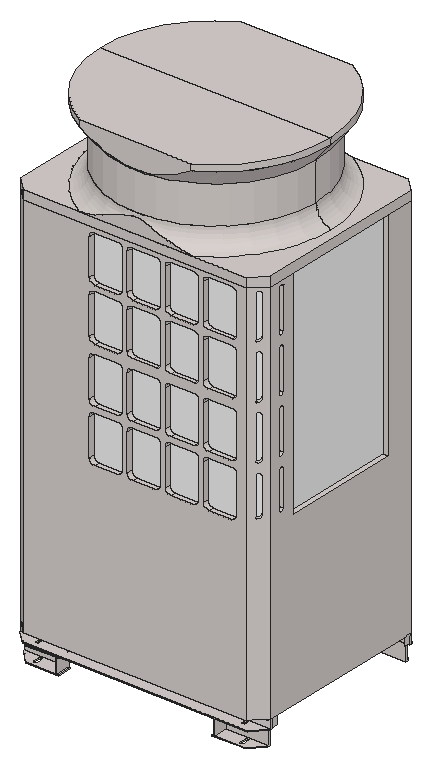
Revit family "PURY-EP300YNW-A1", category 機械設備, Revit 2016
Family settings
  パーツ タイプ = 標準
  丸型コネクタ寸法 = 半径を使用
  OmniClass 番号 = 23.75.00.00
  OmniClass タイトル = Climate Control (HVAC)
  作業面に基づく = いいえ
  常に垂直 = はい
  ロード時にボイドで切り取り = いいえ
  共有 = いいえ
  部屋の計算ポイント = いいえ
Parameters (values of type "PURY-EP300YNW-A1_415V_60Hz")
  WarrantyStart = ""
  Temp. range of heating (Outdoor temp.) (W.B.) = "-20.0 to 15.5"
  Temp. range of heating (Indoor temp.) (D.B.) = "15.0 to 27.0"
  Temp. range of cooling (Outdoor temp.) (D.B.) = "-5.0 to 52.0"
  Temp. range of cooling (Indoor temp.) (W.B.) = "15.0 to 24.0"
  TagNumber = 0
  Sound Pressure Level (dB(A)) Heating mode = 67
  Sound Pressure Level (dB(A)) Cooling mode = 61
  SerialNumber = 0
  ReplacementYear = "0"
  Protection Devices_High pressure (MPa) = "High pressure sensor, High pressure switch at 4.15"
  Outdoor unit Breaker size (A) = 30
  Note_1 = "Refrigerant pipe diameters may change depending on the installation condition. Please refer to the installation manual."
  モデル = "PURY-EP300YNW-A1"
  Width = 920.000 mm
  Voltage = 415 V
  Unit Weight (kg) = 230
  URL = "http://www.mitsubishielectric.com/"
  Subcategory = "HVAC"
  Space View = yes
  Refrigerant type = "R410A"
  Refrigerant Charge (kg) = 5.2
  Protection Devices_Inverter circuit (COMP./FAN) = "Over-current protection"
  Phase = 3
  製造元 = "Mitsubishi Electric Corporation"
  Maximum Circuit Ampacity (A) = 20.3
  Low pressure pipe_radius = 11.100 mm
  InstallationDate = "0"
  Indoor Unit Total Capacity = "50 to 150% of outdoor unit capacity"
  Indoor Unit Model/Quantity = "P10 to P250/1 to 30"
  High pressure pipe_radius = 9.525 mm
  Hertz = 60 Hz
  Height = 1858.000 mm
  Heating SCOP (kW/kW) = 4.12
  Heating Rated Load Ampacity (A) = 14.7
  Heating Power Input (kW) = 9.51
  Heating Power Input (Nominal) (kW) = 8.01
  Heating Current Input (Nominal) (A) = 12.3
  Heating Current Input (A) = 14.7
  Heating Capacity (kW) = 37.5
  Heating Capacity (Nominal) (kW) = 33.5
  Heating COP (kW/kW) = 3.94
  Heating COP (Nominal) (kW/kW) = 4.18
  Fan_Type = "Propeller Fan"
  Fan_Quantity = 1
  Fan Motor Output (kW) = 0.92
  External static pressure (Pa) = 0
  External Finish = "Pre-coated galvanized steel sheets (+powder coating for -BS type) <MUNSELL 5Y 8/1 or similar>"
  Equip_description = ""
  Equip_No. = 0
  Equip_ID = ""
  Description = ""
  Depth = 740.000 mm
  CreatedOn = ""
  CreatedBy = ""
  Cooling SEER (kW/kW) = 6.77
  Cooling Rated Load Ampacity (A) = 12.6
  Cooling Power Input (kW) = 8.17
  Cooling EER (kW/kW) = 4.1
  Cooling Current Input (A) = 12.6
  Cooling Capacity (kW) = 33.5
  Compressor_Type = "Inverter scroll hermetic compressor"
  Compressor_Quantity = 1
  Compressor_Lubricant = "MEL32"
  Compressor Motor Output (kW) = 7.3
  Category = "0"
  Barcode = "0"
  AssetIdentifier = "0"
  Airflow Rate (m3/min) = 240
  Airflow Rate (m3/h) = 14400
Reference planes
  plane 1 "Center (Front/Back)": y = 0
  plane 2: z = 0
  plane 3 "Center (Left/Right)": x = 0
  plane 4 "11": through (-415, 370, 1200) normal (0.7071, -0.7071, 0)
  plane 5 "22": through (-415, -370, 1200) normal (-0.7071, -0.7071, 0)
  plane 6 "44": through (460, 325, 1200) normal (-0.7071, -0.7071, 0)
  plane 7 "33": through (460, -325, 1200) normal (0.7071, -0.7071, 0)
  plane 8: z = 754.5
  plane 9: z = 909.5
  plane 10: x = -300
  plane 11: x = -217
  plane 12: y = 370
  plane 13: y = -370
  plane 14: x = -460
  plane 15: x = 460
  plane 16: z = 1858
Forms (mm)
  Extrusion 1, solid, material "Paint_5Y 8/1"
    sketch origin (0, 0, 113) x (-1, 0, 0) y (0, -1, 0)
      loop
        line (410, -370) -> (460, -320) -> (460, 320) -> (410, 370) -> (-410, 370) -> (-460, 320) -> (-460, -320) -> (-410, -370) -> (410, -370)
    from -18 to 1408
  Extrusion 2, void
    sketch origin (410, -370, 113) x (1, 0, 0) y (0, 0, -1)
      loop
        arc (-55, -1393.5) -> (-40.858, -1387.642) -> (-35, -1373.5) r 20
        line (-35, -1373.5) -> (-35, -1238.676)
        arc (-35, -1238.676) -> (-40.858, -1224.534) -> (-55, -1218.676) r 20
        line (-55, -1218.676) -> (-139.8, -1218.676)
        arc (-139.8, -1218.676) -> (-153.942, -1224.534) -> (-159.8, -1238.676) r 20
        line (-159.8, -1238.676) -> (-159.8, -1373.5)
        arc (-159.8, -1373.5) -> (-153.942, -1387.642) -> (-139.8, -1393.5) r 20
        line (-139.8, -1393.5) -> (-55, -1393.5)
    from 0 to 20
  Extrusion 3, void
    sketch origin (270, -370, 113) x (1, 0, 0) y (0, 0, -1)
      loop
        arc (-55, -1393.5) -> (-40.858, -1387.642) -> (-35, -1373.5) r 20
        line (-35, -1373.5) -> (-35, -1238.676)
        arc (-35, -1238.676) -> (-40.858, -1224.534) -> (-55, -1218.676) r 20
        line (-55, -1218.676) -> (-139.8, -1218.676)
        arc (-139.8, -1218.676) -> (-153.942, -1224.534) -> (-159.8, -1238.676) r 20
        line (-159.8, -1238.676) -> (-159.8, -1373.5)
        arc (-159.8, -1373.5) -> (-153.942, -1387.642) -> (-139.8, -1393.5) r 20
        line (-139.8, -1393.5) -> (-55, -1393.5)
    from 0 to 20
  Extrusion 4, void
    sketch origin (130, -370, 113) x (1, 0, 0) y (0, 0, -1)
      loop
        arc (-55, -1393.5) -> (-40.858, -1387.642) -> (-35, -1373.5) r 20
        line (-35, -1373.5) -> (-35, -1238.676)
        arc (-35, -1238.676) -> (-40.858, -1224.534) -> (-55, -1218.676) r 20
        line (-55, -1218.676) -> (-139.8, -1218.676)
        arc (-139.8, -1218.676) -> (-153.942, -1224.534) -> (-159.8, -1238.676) r 20
        line (-159.8, -1238.676) -> (-159.8, -1373.5)
        arc (-159.8, -1373.5) -> (-153.942, -1387.642) -> (-139.8, -1393.5) r 20
        line (-139.8, -1393.5) -> (-55, -1393.5)
    from 0 to 20
  Extrusion 5, void
    sketch origin (-10, -370, 113) x (1, 0, 0) y (0, 0, -1)
      loop
        arc (-55, -1393.5) -> (-40.858, -1387.642) -> (-35, -1373.5) r 20
        line (-35, -1373.5) -> (-35, -1238.676)
        arc (-35, -1238.676) -> (-40.858, -1224.534) -> (-55, -1218.676) r 20
        line (-55, -1218.676) -> (-139.8, -1218.676)
        arc (-139.8, -1218.676) -> (-153.942, -1224.534) -> (-159.8, -1238.676) r 20
        line (-159.8, -1238.676) -> (-159.8, -1373.5)
        arc (-159.8, -1373.5) -> (-153.942, -1387.642) -> (-139.8, -1393.5) r 20
        line (-139.8, -1393.5) -> (-55, -1393.5)
    from 0 to 20
  Extrusion 6, void
    sketch origin (410, -370, -81) x (1, 0, 0) y (0, 0, -1)
      loop
        arc (-55, -1393.5) -> (-40.858, -1387.642) -> (-35, -1373.5) r 20
        line (-35, -1373.5) -> (-35, -1238.676)
        arc (-35, -1238.676) -> (-40.858, -1224.534) -> (-55, -1218.676) r 20
        line (-55, -1218.676) -> (-139.8, -1218.676)
        arc (-139.8, -1218.676) -> (-153.942, -1224.534) -> (-159.8, -1238.676) r 20
        line (-159.8, -1238.676) -> (-159.8, -1373.5)
        arc (-159.8, -1373.5) -> (-153.942, -1387.642) -> (-139.8, -1393.5) r 20
        line (-139.8, -1393.5) -> (-55, -1393.5)
    from 0 to 20
  Extrusion 7, void
    sketch origin (270, -370, -81) x (1, 0, 0) y (0, 0, -1)
      loop
        arc (-55, -1393.5) -> (-40.858, -1387.642) -> (-35, -1373.5) r 20
        line (-35, -1373.5) -> (-35, -1238.676)
        arc (-35, -1238.676) -> (-40.858, -1224.534) -> (-55, -1218.676) r 20
        line (-55, -1218.676) -> (-139.8, -1218.676)
        arc (-139.8, -1218.676) -> (-153.942, -1224.534) -> (-159.8, -1238.676) r 20
        line (-159.8, -1238.676) -> (-159.8, -1373.5)
        arc (-159.8, -1373.5) -> (-153.942, -1387.642) -> (-139.8, -1393.5) r 20
        line (-139.8, -1393.5) -> (-55, -1393.5)
    from 0 to 20
  Extrusion 8, void
    sketch origin (130, -370, -81) x (1, 0, 0) y (0, 0, -1)
      loop
        arc (-55, -1393.5) -> (-40.858, -1387.642) -> (-35, -1373.5) r 20
        line (-35, -1373.5) -> (-35, -1238.676)
        arc (-35, -1238.676) -> (-40.858, -1224.534) -> (-55, -1218.676) r 20
        line (-55, -1218.676) -> (-139.8, -1218.676)
        arc (-139.8, -1218.676) -> (-153.942, -1224.534) -> (-159.8, -1238.676) r 20
        line (-159.8, -1238.676) -> (-159.8, -1373.5)
        arc (-159.8, -1373.5) -> (-153.942, -1387.642) -> (-139.8, -1393.5) r 20
        line (-139.8, -1393.5) -> (-55, -1393.5)
    from 0 to 20
  Extrusion 9, void
    sketch origin (-10, -370, -81) x (1, 0, 0) y (0, 0, -1)
      loop
        arc (-55, -1393.5) -> (-40.858, -1387.642) -> (-35, -1373.5) r 20
        line (-35, -1373.5) -> (-35, -1238.676)
        arc (-35, -1238.676) -> (-40.858, -1224.534) -> (-55, -1218.676) r 20
        line (-55, -1218.676) -> (-139.8, -1218.676)
        arc (-139.8, -1218.676) -> (-153.942, -1224.534) -> (-159.8, -1238.676) r 20
        line (-159.8, -1238.676) -> (-159.8, -1373.5)
        arc (-159.8, -1373.5) -> (-153.942, -1387.642) -> (-139.8, -1393.5) r 20
        line (-139.8, -1393.5) -> (-55, -1393.5)
    from 0 to 20
  Extrusion 10, void
    sketch origin (410, -370, -287) x (1, 0, 0) y (0, 0, -1)
      loop
        arc (-55, -1393.5) -> (-40.858, -1387.642) -> (-35, -1373.5) r 20
        line (-35, -1373.5) -> (-35, -1238.676)
        arc (-35, -1238.676) -> (-40.858, -1224.534) -> (-55, -1218.676) r 20
        line (-55, -1218.676) -> (-139.8, -1218.676)
        arc (-139.8, -1218.676) -> (-153.942, -1224.534) -> (-159.8, -1238.676) r 20
        line (-159.8, -1238.676) -> (-159.8, -1373.5)
        arc (-159.8, -1373.5) -> (-153.942, -1387.642) -> (-139.8, -1393.5) r 20
        line (-139.8, -1393.5) -> (-55, -1393.5)
    from 0 to 20
  Extrusion 11, void
    sketch origin (270, -370, -287) x (1, 0, 0) y (0, 0, -1)
      loop
        arc (-55, -1393.5) -> (-40.858, -1387.642) -> (-35, -1373.5) r 20
        line (-35, -1373.5) -> (-35, -1238.676)
        arc (-35, -1238.676) -> (-40.858, -1224.534) -> (-55, -1218.676) r 20
        line (-55, -1218.676) -> (-139.8, -1218.676)
        arc (-139.8, -1218.676) -> (-153.942, -1224.534) -> (-159.8, -1238.676) r 20
        line (-159.8, -1238.676) -> (-159.8, -1373.5)
        arc (-159.8, -1373.5) -> (-153.942, -1387.642) -> (-139.8, -1393.5) r 20
        line (-139.8, -1393.5) -> (-55, -1393.5)
    from 0 to 20
  Extrusion 12, void
    sketch origin (130, -370, -287) x (1, 0, 0) y (0, 0, -1)
      loop
        arc (-55, -1393.5) -> (-40.858, -1387.642) -> (-35, -1373.5) r 20
        line (-35, -1373.5) -> (-35, -1238.676)
        arc (-35, -1238.676) -> (-40.858, -1224.534) -> (-55, -1218.676) r 20
        line (-55, -1218.676) -> (-139.8, -1218.676)
        arc (-139.8, -1218.676) -> (-153.942, -1224.534) -> (-159.8, -1238.676) r 20
        line (-159.8, -1238.676) -> (-159.8, -1373.5)
        arc (-159.8, -1373.5) -> (-153.942, -1387.642) -> (-139.8, -1393.5) r 20
        line (-139.8, -1393.5) -> (-55, -1393.5)
    from 0 to 20
  Extrusion 13, void
    sketch origin (-10, -370, -287) x (1, 0, 0) y (0, 0, -1)
      loop
        arc (-55, -1393.5) -> (-40.858, -1387.642) -> (-35, -1373.5) r 20
        line (-35, -1373.5) -> (-35, -1238.676)
        arc (-35, -1238.676) -> (-40.858, -1224.534) -> (-55, -1218.676) r 20
        line (-55, -1218.676) -> (-139.8, -1218.676)
        arc (-139.8, -1218.676) -> (-153.942, -1224.534) -> (-159.8, -1238.676) r 20
        line (-159.8, -1238.676) -> (-159.8, -1373.5)
        arc (-159.8, -1373.5) -> (-153.942, -1387.642) -> (-139.8, -1393.5) r 20
        line (-139.8, -1393.5) -> (-55, -1393.5)
    from 0 to 20
  Extrusion 14, void
    sketch origin (410, -370, -481) x (1, 0, 0) y (0, 0, -1)
      loop
        arc (-55, -1393.5) -> (-40.858, -1387.642) -> (-35, -1373.5) r 20
        line (-35, -1373.5) -> (-35, -1238.676)
        arc (-35, -1238.676) -> (-40.858, -1224.534) -> (-55, -1218.676) r 20
        line (-55, -1218.676) -> (-139.8, -1218.676)
        arc (-139.8, -1218.676) -> (-153.942, -1224.534) -> (-159.8, -1238.676) r 20
        line (-159.8, -1238.676) -> (-159.8, -1373.5)
        arc (-159.8, -1373.5) -> (-153.942, -1387.642) -> (-139.8, -1393.5) r 20
        line (-139.8, -1393.5) -> (-55, -1393.5)
    from 0 to 20
  Extrusion 15, void
    sketch origin (270, -370, -481) x (1, 0, 0) y (0, 0, -1)
      loop
        arc (-55, -1393.5) -> (-40.858, -1387.642) -> (-35, -1373.5) r 20
        line (-35, -1373.5) -> (-35, -1238.676)
        arc (-35, -1238.676) -> (-40.858, -1224.534) -> (-55, -1218.676) r 20
        line (-55, -1218.676) -> (-139.8, -1218.676)
        arc (-139.8, -1218.676) -> (-153.942, -1224.534) -> (-159.8, -1238.676) r 20
        line (-159.8, -1238.676) -> (-159.8, -1373.5)
        arc (-159.8, -1373.5) -> (-153.942, -1387.642) -> (-139.8, -1393.5) r 20
        line (-139.8, -1393.5) -> (-55, -1393.5)
    from 0 to 20
  Extrusion 16, void
    sketch origin (130, -370, -481) x (1, 0, 0) y (0, 0, -1)
      loop
        arc (-55, -1393.5) -> (-40.858, -1387.642) -> (-35, -1373.5) r 20
        line (-35, -1373.5) -> (-35, -1238.676)
        arc (-35, -1238.676) -> (-40.858, -1224.534) -> (-55, -1218.676) r 20
        line (-55, -1218.676) -> (-139.8, -1218.676)
        arc (-139.8, -1218.676) -> (-153.942, -1224.534) -> (-159.8, -1238.676) r 20
        line (-159.8, -1238.676) -> (-159.8, -1373.5)
        arc (-159.8, -1373.5) -> (-153.942, -1387.642) -> (-139.8, -1393.5) r 20
        line (-139.8, -1393.5) -> (-55, -1393.5)
    from 0 to 20
  Extrusion 17, void
    sketch origin (-10, -370, -481) x (1, 0, 0) y (0, 0, -1)
      loop
        arc (-55, -1393.5) -> (-40.858, -1387.642) -> (-35, -1373.5) r 20
        line (-35, -1373.5) -> (-35, -1238.676)
        arc (-35, -1238.676) -> (-40.858, -1224.534) -> (-55, -1218.676) r 20
        line (-55, -1218.676) -> (-139.8, -1218.676)
        arc (-139.8, -1218.676) -> (-153.942, -1224.534) -> (-159.8, -1238.676) r 20
        line (-159.8, -1238.676) -> (-159.8, -1373.5)
        arc (-159.8, -1373.5) -> (-153.942, -1387.642) -> (-139.8, -1393.5) r 20
        line (-139.8, -1393.5) -> (-55, -1393.5)
    from 0 to 20
  Extrusion 18, solid
    sketch origin (0, -189, -3) x (0, 0, -1) y (-1, 0, 0)
      loop
        circle (-179, 217) r 11.1
    from 0 to 150
  Extrusion 19, solid
    sketch origin (0, -172, -3) x (0, 0, -1) y (-1, 0, 0)
      loop
        circle (-179, 300) r 9.525
    from 0 to 150
  Extrusion 20, void
    sketch origin (-460, -320, 113) x (0, -1, 0) y (0, 0, -1)
      loop
        line (-611.5, -1236.511) -> (-611.5, -1386.5)
        arc (-611.5, -1386.5) -> (-601.5, -1396.5) -> (-591.5, -1386.5) r 10
        line (-591.5, -1386.5) -> (-591.5, -1236.511)
        arc (-591.5, -1236.511) -> (-601.5, -1226.511) -> (-611.5, -1236.511) r 10
    from 0 to 20
  Extrusion 21, void
    sketch origin (-460, -320, -87.006) x (0, -1, 0) y (0, 0, -1)
      loop
        line (-611.5, -1236.511) -> (-611.5, -1386.5)
        arc (-611.5, -1386.5) -> (-601.5, -1396.5) -> (-591.5, -1386.5) r 10
        line (-591.5, -1386.5) -> (-591.5, -1236.511)
        arc (-591.5, -1236.511) -> (-601.5, -1226.511) -> (-611.5, -1236.511) r 10
    from 0 to 20
  Extrusion 22, void
    sketch origin (-460, -320, -287.006) x (0, -1, 0) y (0, 0, -1)
      loop
        line (-611.5, -1236.511) -> (-611.5, -1386.5)
        arc (-611.5, -1386.5) -> (-601.5, -1396.5) -> (-591.5, -1386.5) r 10
        line (-591.5, -1386.5) -> (-591.5, -1236.511)
        arc (-591.5, -1236.511) -> (-601.5, -1226.511) -> (-611.5, -1236.511) r 10
    from 0 to 20
  Extrusion 23, void
    sketch origin (-460, -320, -479.506) x (0, -1, 0) y (0, 0, -1)
      loop
        line (-611.5, -1244.006) -> (-611.5, -1379.006)
        arc (-611.5, -1379.006) -> (-601.5, -1389.006) -> (-591.5, -1379.006) r 10
        line (-591.5, -1379.006) -> (-591.5, -1244.006)
        arc (-591.5, -1244.006) -> (-601.5, -1234.006) -> (-611.5, -1244.006) r 10
    from 0 to 20
  Extrusion 24, void
    sketch origin (-460, -320, 113) x (0, -1, 0) y (0, 0, -1)
      loop
        line (-543, -1408) -> (-215, -1408) -> (-215, -632) -> (-543, -632) -> (-543, -1408)
    from 0 to 20
  Extrusion 25, void
    sketch origin (-410, 370, 113) x (0.707107, 0.707107, 0) y (0, 0, 1)
      loop
        line (-27.158, 1236.539) -> (-27.158, 1386.461)
        arc (-27.158, 1386.461) -> (-37.158, 1396.461) -> (-47.158, 1386.461) r 10
        line (-47.158, 1386.461) -> (-47.158, 1236.539)
        arc (-47.158, 1236.539) -> (-37.158, 1226.539) -> (-27.158, 1236.539) r 10
      loop
        line (-27.158, 1036.539) -> (-27.158, 1186.461)
        arc (-27.158, 1186.461) -> (-37.158, 1196.461) -> (-47.158, 1186.461) r 10
        line (-47.158, 1186.461) -> (-47.158, 1036.539)
        arc (-47.158, 1036.539) -> (-37.158, 1026.539) -> (-27.158, 1036.539) r 10
      loop
        line (-27.158, 836.539) -> (-27.158, 986.461)
        arc (-27.158, 986.461) -> (-37.158, 996.461) -> (-47.158, 986.461) r 10
        line (-47.158, 986.461) -> (-47.158, 836.539)
        arc (-47.158, 836.539) -> (-37.158, 826.539) -> (-27.158, 836.539) r 10
      loop
        line (-27.158, 652.5) -> (-27.158, 785.5)
        arc (-27.158, 785.5) -> (-37.158, 795.5) -> (-47.158, 785.5) r 10
        line (-47.158, 785.5) -> (-47.158, 652.5)
        arc (-47.158, 652.5) -> (-37.158, 642.5) -> (-27.158, 652.5) r 10
    from 0 to 20
  Extrusion 26, void
    sketch origin (460, -320, 113) x (0.707107, 0.707107, 0) y (0, 0, -1)
      loop
        arc (-25.5, -1236.423) -> (-35.5, -1226.423) -> (-45.5, -1236.423) r 10
        line (-45.5, -1236.423) -> (-45.5, -1386.487)
        arc (-45.5, -1386.487) -> (-35.5, -1396.487) -> (-25.5, -1386.487) r 10
        line (-25.5, -1386.487) -> (-25.5, -1236.423)
    from 0 to 20
  Extrusion 27, void
    sketch origin (460, -320, -86.884) x (0.707107, 0.707107, 0) y (0, 0, -1)
      loop
        arc (-25.5, -1236.423) -> (-35.5, -1226.423) -> (-45.5, -1236.423) r 10
        line (-45.5, -1236.423) -> (-45.5, -1386.487)
        arc (-45.5, -1386.487) -> (-35.5, -1396.487) -> (-25.5, -1386.487) r 10
        line (-25.5, -1386.487) -> (-25.5, -1236.423)
    from 0 to 20
  Extrusion 28, void
    sketch origin (460, -320, -286.884) x (0.707107, 0.707107, 0) y (0, 0, -1)
      loop
        arc (-25.5, -1236.423) -> (-35.5, -1226.423) -> (-45.5, -1236.423) r 10
        line (-45.5, -1236.423) -> (-45.5, -1386.487)
        arc (-45.5, -1386.487) -> (-35.5, -1396.487) -> (-25.5, -1386.487) r 10
        line (-25.5, -1386.487) -> (-25.5, -1236.423)
    from 0 to 20
  Extrusion 29, void
    sketch origin (460, -320, -487.987) x (0.707107, 0.707107, 0) y (0, 0, -1)
      loop
        arc (-25.5, -1253.487) -> (-35.5, -1243.487) -> (-45.5, -1253.487) r 10
        line (-45.5, -1253.487) -> (-45.5, -1386.487)
        arc (-45.5, -1386.487) -> (-35.5, -1396.487) -> (-25.5, -1386.487) r 10
        line (-25.5, -1386.487) -> (-25.5, -1253.487)
    from 0 to 20
  Extrusion 30, void
    sketch origin (460, 320, 113) x (0, 1, 0) y (0, 0, -1)
      loop
        line (-604, -1236.423) -> (-604, -1386.487)
        arc (-604, -1386.487) -> (-594, -1396.487) -> (-584, -1386.487) r 10
        line (-584, -1386.487) -> (-584, -1236.423)
        arc (-584, -1236.423) -> (-594, -1226.423) -> (-604, -1236.423) r 10
      loop
        line (-604, -1036.539) -> (-604, -1186.603)
        arc (-604, -1186.603) -> (-594, -1196.603) -> (-584, -1186.603) r 10
        line (-584, -1186.603) -> (-584, -1036.539)
        arc (-584, -1036.539) -> (-594, -1026.539) -> (-604, -1036.539) r 10
      loop
        line (-604, -836.539) -> (-604, -986.603)
        arc (-604, -986.603) -> (-594, -996.603) -> (-584, -986.603) r 10
        line (-584, -986.603) -> (-584, -836.539)
        arc (-584, -836.539) -> (-594, -826.539) -> (-604, -836.539) r 10
      loop
        line (-604, -652.5) -> (-604, -785.5)
        arc (-604, -785.5) -> (-594, -795.5) -> (-584, -785.5) r 10
        line (-584, -785.5) -> (-584, -652.5)
        arc (-584, -652.5) -> (-594, -642.5) -> (-604, -652.5) r 10
    from 0 to 20
  Extrusion 31, void
    sketch origin (460, 320, 113) x (0, 1, 0) y (0, 0, -1)
      loop
        line (-542, -1408) -> (-100, -1408) -> (-100, -611.5) -> (-542, -611.5) -> (-542, -1408)
    from 0 to 20
  Extrusion 32, void
    sketch origin (-410, 370, 113) x (-1, 0, 0) y (0, 0, -1)
      loop
        line (-718, -1408) -> (-47, -1408) -> (-47, -613) -> (-718, -613) -> (-718, -1408)
    from 0 to 20
Cuts and joins
  Extrusion 2, Extrusion 3, Extrusion 4, Extrusion 5, Extrusion 6, Extrusion 7, Extrusion 8, Extrusion 9, Extrusion 10, Extrusion 11, Extrusion 12, Extrusion 13, Extrusion 14, Extrusion 15, Extrusion 16, Extrusion 17, Extrusion 20, Extrusion 21, Extrusion 22, Extrusion 23, Extrusion 24, Extrusion 25, Extrusion 26, Extrusion 27, Extrusion 28, Extrusion 29, Extrusion 30, Extrusion 31, Extrusion 32 cuts Extrusion 1
Lines and regions (mm)
  model lines
    curve 1: line (-390, -370, 716) -> (390, -370, 716)
    curve 2: line (-390, -370, 1521) -> (-390, -370, 95)
    curve 3: line (390, -370, 1521) -> (390, -370, 95)
    curve 4: line (-172, -370, 95) -> (-172, -370, 207.5)
    curve 5: line (390, -370, 224.5) -> (199, -370, 224.5)
    curve 6: line (172, -370, 197.5) -> (172, -370, 95)
    curve 7: arc (-189, -370, 224.5) -> (-176.979, -370, 219.521) -> (-172, -370, 207.5) r 17
    curve 8: arc (199, -370, 224.5) -> (179.908, -370, 216.592) -> (172, -370, 197.5) r 27
    curve 9: line (-192, -291, 95) -> (-322, -291, 95)
    curve 10: line (-182, -207, 95) -> (-182, -281, 95)
    curve 11: line (-322, -197, 95) -> (-192, -197, 95)
    curve 12: line (-332, -281, 95) -> (-332, -207, 95)
    curve 13: arc (-332, -281, 95) -> (-329.071, -288.071, 95) -> (-322, -291, 95) r 10
    curve 14: arc (-192, -291, 95) -> (-184.929, -288.071, 95) -> (-182, -281, 95) r 10
    curve 15: arc (-182, -207, 95) -> (-184.929, -199.929, 95) -> (-192, -197, 95) r 10
    curve 16: arc (-322, -197, 95) -> (-329.071, -199.929, 95) -> (-332, -207, 95) r 10
    curve 25: line (-219, -370, 1521) -> (-219, -370, 716)
    curve 26: line (-189, -370, 224.5) -> (-390, -370, 224.5)
    curve 27: circle (308, -185, 95) r 26 normal (0, 0, 1)
    curve 28: circle (288, -260, 95) r 32.5 normal (0, 0, 1)
    curve 29: circle (244, -204, 95) r 17 normal (0, 0, 1)
    curve 30: line (-460, 243, 1521) -> (-460, 243, 95)
    curve 32: line (-460, 243, 705) -> (-460, -155, 705)
    curve 33: line (-460, -155, 95) -> (-460, -155, 1521)
    curve 34: line (-460, 223, 1521) -> (-460, 223, 705)
    curve 35: line (-460, -105, 1521) -> (-460, -105, 705)
    curve 36: line (-460, -95.983, 267.745) -> (-460, 184, 267.745)
    curve 37: line (-460, 184, 247.745) -> (-460, -95.983, 247.745)
    curve 38: arc (-460, -95.983, 247.745) -> (-460, -105.983, 257.745) -> (-460, -95.983, 267.745) r 10
    curve 39: arc (-460, 184, 267.745) -> (-460, 194, 257.745) -> (-460, 184, 247.745) r 10
    curve 40: line (-460, -95.983, 372.745) -> (-460, 184, 372.745)
    curve 41: line (-460, 184, 352.745) -> (-460, -95.983, 352.745)
    curve 42: arc (-460, -95.983, 352.745) -> (-460, -105.983, 362.745) -> (-460, -95.983, 372.745) r 10
    curve 43: arc (-460, 184, 372.745) -> (-460, 194, 362.745) -> (-460, 184, 352.745) r 10
    curve 44: line (-460, -95.983, 477.745) -> (-460, 184, 477.745)
    curve 45: line (-460, 184, 457.745) -> (-460, -95.983, 457.745)
    curve 46: arc (-460, -95.983, 457.745) -> (-460, -105.983, 467.745) -> (-460, -95.983, 477.745) r 10
    curve 47: arc (-460, 184, 477.745) -> (-460, 194, 467.745) -> (-460, 184, 457.745) r 10
    curve 48: line (-460, -95.983, 582.745) -> (-460, 184, 582.745)
    curve 49: line (-460, 184, 562.745) -> (-460, -95.983, 562.745)
    curve 50: arc (-460, -95.983, 562.745) -> (-460, -105.983, 572.745) -> (-460, -95.983, 582.745) r 10
    curve 51: arc (-460, 184, 582.745) -> (-460, 194, 572.745) -> (-460, 184, 562.745) r 10
    curve 52: line (-110, -370, 269) -> (110, -370, 269)
    curve 53: line (110, -370, 249) -> (-110, -370, 249)
    curve 54: arc (-120, -370, 259) -> (-117.071, -370, 266.071) -> (-110, -370, 269) r 10
    curve 55: arc (-110, -370, 249) -> (-117.071, -370, 251.929) -> (-120, -370, 259) r 10
    curve 56: arc (110, -370, 269) -> (117.071, -370, 266.071) -> (120, -370, 259) r 10
    curve 57: arc (120, -370, 259) -> (117.071, -370, 251.929) -> (110, -370, 249) r 10
    curve 58: line (-222.5, -370, 584) -> (222.5, -370, 584)
    curve 59: line (222.5, -370, 564) -> (-222.5, -370, 564)
    curve 60: arc (-222.5, -370, 584) -> (-229.571, -370, 581.071) -> (-232.5, -370, 574) r 10
    curve 61: arc (222.5, -370, 584) -> (229.571, -370, 581.071) -> (232.5, -370, 574) r 10
    curve 62: arc (232.5, -370, 574) -> (229.571, -370, 566.929) -> (222.5, -370, 564) r 10
    curve 63: arc (-222.5, -370, 564) -> (-229.571, -370, 566.929) -> (-232.5, -370, 574) r 10
    curve 64: line (-222.5, -370, 479) -> (222.5, -370, 479)
    curve 65: line (222.5, -370, 459) -> (-222.5, -370, 459)
    curve 66: arc (-222.5, -370, 479) -> (-229.571, -370, 476.071) -> (-232.5, -370, 469) r 10
    curve 67: arc (222.5, -370, 479) -> (229.571, -370, 476.071) -> (232.5, -370, 469) r 10
    curve 68: arc (232.5, -370, 469) -> (229.571, -370, 461.929) -> (222.5, -370, 459) r 10
    curve 69: arc (-222.5, -370, 459) -> (-229.571, -370, 461.929) -> (-232.5, -370, 469) r 10
    curve 70: line (-222.5, -370, 374) -> (222.5, -370, 374)
    curve 71: line (222.5, -370, 354) -> (-222.5, -370, 354)
    curve 72: arc (-222.5, -370, 374) -> (-229.571, -370, 371.071) -> (-232.5, -370, 364) r 10
    curve 73: arc (222.5, -370, 374) -> (229.571, -370, 371.071) -> (232.5, -370, 364) r 10
    curve 74: arc (232.5, -370, 364) -> (229.571, -370, 356.929) -> (222.5, -370, 354) r 10
    curve 75: arc (-222.5, -370, 354) -> (-229.571, -370, 356.929) -> (-232.5, -370, 364) r 10
    curve 76: line (460, -237.5, 1521) -> (460, -237.5, 95)
    curve 77: line (460, -237.5, 705) -> (460, 236.5, 705)
    curve 78: line (460, -237.5, 724.5) -> (460, 236.5, 724.5)
    curve 79: line (460, 236.5, 1521) -> (460, 236.5, 95)
    curve 80: line (327.5, 370, 1521) -> (327.5, 370, 95)
    curve 81: line (308, 370, 1521) -> (308, 370, 706)
    curve 82: line (327.5, 370, 706) -> (-382.5, 370, 706)
    curve 83: line (-382.5, 370, 1521) -> (-382.5, 370, 95)
    curve 84: line (-363, 370, 1521) -> (-363, 370, 706)
    curve 85: line (460, -140.491, 267.745) -> (460, 139.491, 267.745)
    curve 86: line (460, 139.491, 247.745) -> (460, -140.491, 247.745)
    curve 87: arc (460, -140.491, 247.745) -> (460, -150.491, 257.745) -> (460, -140.491, 267.745) r 10
    curve 88: arc (460, 139.491, 267.745) -> (460, 149.491, 257.745) -> (460, 139.491, 247.745) r 10
    curve 89: line (460, -140.491, 372.745) -> (460, 139.491, 372.745)
    curve 90: line (460, 139.491, 352.745) -> (460, -140.491, 352.745)
    curve 91: arc (460, -140.491, 352.745) -> (460, -150.491, 362.745) -> (460, -140.491, 372.745) r 10
    curve 92: arc (460, 139.491, 372.745) -> (460, 149.491, 362.745) -> (460, 139.491, 352.745) r 10
    curve 93: line (460, -140.491, 477.745) -> (460, 139.491, 477.745)
    curve 94: line (460, 139.491, 457.745) -> (460, -140.491, 457.745)
    curve 95: arc (460, -140.491, 457.745) -> (460, -150.491, 467.745) -> (460, -140.491, 477.745) r 10
    curve 96: arc (460, 139.491, 477.745) -> (460, 149.491, 467.745) -> (460, 139.491, 457.745) r 10
    curve 97: line (460, -140.491, 582.745) -> (460, 139.491, 582.745)
    curve 98: line (460, 139.491, 562.745) -> (460, -140.491, 562.745)
    curve 99: arc (460, -140.491, 562.745) -> (460, -150.491, 572.745) -> (460, -140.491, 582.745) r 10
    curve 100: arc (460, 139.491, 582.745) -> (460, 149.491, 572.745) -> (460, 139.491, 562.745) r 10
    curve 101: line (-222.5, 370, 584) -> (222.5, 370, 584)
    curve 102: line (222.5, 370, 564) -> (-222.5, 370, 564)
    curve 103: arc (-222.5, 370, 584) -> (-229.571, 370, 581.071) -> (-232.5, 370, 574) r 10
    curve 104: arc (222.5, 370, 584) -> (229.571, 370, 581.071) -> (232.5, 370, 574) r 10
    curve 105: arc (232.5, 370, 574) -> (229.571, 370, 566.929) -> (222.5, 370, 564) r 10
    curve 106: arc (-222.5, 370, 564) -> (-229.571, 370, 566.929) -> (-232.5, 370, 574) r 10
    curve 107: line (-222.5, 370, 479) -> (222.5, 370, 479)
    curve 108: line (222.5, 370, 459) -> (-222.5, 370, 459)
    curve 109: arc (-222.5, 370, 479) -> (-229.571, 370, 476.071) -> (-232.5, 370, 469) r 10
    curve 110: arc (222.5, 370, 479) -> (229.571, 370, 476.071) -> (232.5, 370, 469) r 10
    curve 111: arc (232.5, 370, 469) -> (229.571, 370, 461.929) -> (222.5, 370, 459) r 10
    curve 112: arc (-222.5, 370, 459) -> (-229.571, 370, 461.929) -> (-232.5, 370, 469) r 10
    curve 113: line (-222.5, 370, 374) -> (222.5, 370, 374)
    curve 114: line (222.5, 370, 354) -> (-222.5, 370, 354)
    curve 115: arc (-222.5, 370, 374) -> (-229.571, 370, 371.071) -> (-232.5, 370, 364) r 10
    curve 116: arc (222.5, 370, 374) -> (229.571, 370, 371.071) -> (232.5, 370, 364) r 10
    curve 117: arc (232.5, 370, 364) -> (229.571, 370, 356.929) -> (222.5, 370, 354) r 10
    curve 118: arc (-222.5, 370, 354) -> (-229.571, 370, 356.929) -> (-232.5, 370, 364) r 10
    curve 119: line (-222.5, 370, 269) -> (222.5, 370, 269)
    curve 120: line (222.5, 370, 249) -> (-222.5, 370, 249)
    curve 121: arc (-222.5, 370, 269) -> (-229.571, 370, 266.071) -> (-232.5, 370, 259) r 10
    curve 122: arc (222.5, 370, 269) -> (229.571, 370, 266.071) -> (232.5, 370, 259) r 10
    curve 123: arc (232.5, 370, 259) -> (229.571, 370, 251.929) -> (222.5, 370, 249) r 10
    curve 124: arc (-222.5, 370, 249) -> (-229.571, 370, 251.929) -> (-232.5, 370, 259) r 10
    curve 125: line (-325, -370, 131) -> (-197, -370, 131)
    curve 126: line (-335, -370, 205) -> (-335, -370, 141)
    curve 127: line (-197, -370, 215) -> (-325, -370, 215)
    curve 128: line (-187, -370, 141) -> (-187, -370, 205)
    curve 129: arc (-335, -370, 205) -> (-332.071, -370, 212.071) -> (-325, -370, 215) r 10
    curve 130: arc (-197, -370, 215) -> (-189.929, -370, 212.071) -> (-187, -370, 205) r 10
    curve 131: arc (-335, -370, 141) -> (-332.071, -370, 133.929) -> (-325, -370, 131) r 10
    curve 132: arc (-197, -370, 131) -> (-189.929, -370, 133.929) -> (-187, -370, 141) r 10
    curve 133: circle (328, -370, 170) r 20 normal (0, -1, 0)
    curve 134: circle (328, -370, 170) r 32.5 normal (0, -1, 0)
    curve 135: circle (253, -370, 185) r 13.5 normal (0, -1, 0)
    curve 136: circle (253, -370, 185) r 26 normal (0, -1, 0)
    curve 137: circle (204, -370, 150) r 17 normal (0, -1, 0)
  model lines, not visible
    curve 17: line (487.5, -370, 703) -> (492.5, -370, 703)
    curve 18: line (477.5, -370, 363) -> (477.5, -370, 693)
    curve 19: line (492.5, -370, 353) -> (487.5, -370, 353)
    curve 20: line (502.5, -370, 693) -> (502.5, -370, 363)
    curve 21: arc (487.5, -370, 703) -> (480.429, -370, 700.071) -> (477.5, -370, 693) r 10
    curve 22: arc (492.5, -370, 703) -> (499.571, -370, 700.071) -> (502.5, -370, 693) r 10
    curve 23: arc (502.5, -370, 363) -> (499.571, -370, 355.929) -> (492.5, -370, 353) r 10
    curve 24: arc (477.5, -370, 363) -> (480.429, -370, 355.929) -> (487.5, -370, 353) r 10
  reference lines
    curve 31: line (-410, 370, 0) -> (-460, 320, 0)
Dimensions and locks
  nested 1 to level = 1858.000 mm
  nested 1 to nested 1 = 303.000 mm
  nested 5 to nested 5 = 60.000 mm
  nested 1 to nested 2 = 1495.000 mm
  Extrusion 1 to Extrusion 1 = 920.000 mm
  Extrusion 2 sketch curve to Extrusion 2 sketch curve = 174.824 mm
  Extrusion 3 sketch curve to Extrusion 3 sketch curve = 174.824 mm
  equal spacing: group 5, group 4, group 3, group 2
  equal spacing: group 2, group 3, group 4, group 5  (x2)
  Extrusion 4 sketch curve to Extrusion 4 sketch curve = 174.824 mm
  Extrusion 5 sketch curve to Extrusion 5 sketch curve = 174.824 mm
  Extrusion 6 sketch curve to Extrusion 6 sketch curve = 174.824 mm
  Extrusion 7 sketch curve to Extrusion 7 sketch curve = 174.824 mm
  Extrusion 8 sketch curve to Extrusion 8 sketch curve = 174.824 mm
  Extrusion 9 sketch curve to Extrusion 9 sketch curve = 174.824 mm
  Extrusion 10 sketch curve to Extrusion 10 sketch curve = 174.824 mm
  Extrusion 11 sketch curve to Extrusion 11 sketch curve = 174.824 mm
  Extrusion 12 sketch curve to Extrusion 12 sketch curve = 174.824 mm
  Extrusion 13 sketch curve to Extrusion 13 sketch curve = 174.824 mm
  Extrusion 14 sketch curve to Extrusion 14 sketch curve = 174.824 mm
  Extrusion 15 sketch curve to Extrusion 15 sketch curve = 174.824 mm
  Extrusion 16 sketch curve to Extrusion 16 sketch curve = 174.824 mm
  Extrusion 17 sketch curve to Extrusion 17 sketch curve = 174.824 mm
  cut or joined group 1 (Extrusion 1, Extrusion 2, Extrusion 3, Extrusion 4, Extrusion 5, Extrusion 6, Extrusion 7, Extrusion 8, Extrusion 9, Extrusion 10, Extrusion 11, Extrusion 12, Extrusion 13, Extrusion 14, Extrusion 15, Extrusion 16, Extrusion 17, Extrusion 20, Extrusion 21, Extrusion 22, Extrusion 23, Extrusion 24, Extrusion 25, Extrusion 26, Extrusion 27, Extrusion 28, Extrusion 29, Extrusion 30, Extrusion 31, Extrusion 32) to cut or joined group 1 = 820.000 mm
  cut or joined group 1 to cut or joined group 1 = 920.000 mm
  cut or joined group 1 to cut or joined group 1 = 740.000 mm
  nested 5 to cut or joined group 1 = 80.000 mm
  cut or joined group 1 to nested 4 to nested 5 = 80.000 mm, 760.000 mm
  cut or joined group 1 to nested 2 = 29.500 mm
  cut or joined group 1 to nested 3 to nested 2 = 29.500 mm, 681.000 mm
  cut or joined group 1 to cut or joined group 1 = 35.000 mm
  plane 6 "44" to cut or joined group 1 = 3.536 mm
  Extrusion 25 sketch curve to Extrusion 25 sketch curve = 20.000 mm
  cut or joined group 1 to cut or joined group 1 = 50.000 mm
  locked: Extrusion 19 to nested 2 at 116
  curve 137 to nested 2 = 90.000 mm
  curve 135 to nested 2 = 125.000 mm
  curve 133 to nested 2 = 110.000 mm
  cut or joined group 1 to curve 133 = 132.000 mm
  cut or joined group 1 to curve 135 = 207.000 mm
  cut or joined group 1 to curve 137 = 256.000 mm
  cut or joined group 1 to curve 126 to curve 128 = 125.000 mm, 148.000 mm
  curve 127 to curve 125 to nested 2 = 84.000 mm, 71.000 mm
  cut or joined group 1 to Extrusion 19 = 198.000 mm
  cut or joined group 1 to Extrusion 18 = 181.000 mm
  cut or joined group 1 to curve 29 = 166.000 mm
  cut or joined group 1 to curve 27 = 185.000 mm
  cut or joined group 1 to curve 28 = 110.000 mm
  curve 27 to cut or joined group 1 = 152.000 mm
  curve 28 to cut or joined group 1 = 172.000 mm
  curve 29 to cut or joined group 1 = 216.000 mm
  cut or joined group 1 to curve 9 to curve 11 = 79.000 mm, 94.000 mm
  cut or joined group 1 to curve 12 to curve 10 = 128.000 mm, 150.000 mm
  cut or joined group 1 to plane 10 = 160.000 mm
  cut or joined group 1 to plane 11 = 243.000 mm
  nested 4 to nested 4 = 60.000 mm
  cut or joined group 1 to nested 2 = 32.000 mm
  nested 4 to nested 4 = 56.000 mm
  nested 2 to nested 2 to nested 2 = 20.000 mm, 54.000 mm
  nested 3 to nested 2 = 592.000 mm
  nested 3 to nested 3 = 20.000 mm
  aligned and locked: level to plane 2
  aligned and locked: nested 2 to nested 4
  aligned and locked: nested 2 to nested 5
Nested families
  nested 1: "FAN GUARD" at (0, 0, 861), WIDTH <- "Width", type "FAN GUARD"
    with WIDTH 920.000 mm
  nested 2: "BASE LEG" at (0, -352, 60), Width <- "Width", type "BASE LEG"
    with Width 920.000 mm
  nested 3: "BASE LEG" at (0, 352, 60), Width <- "Width", type "BASE LEG"
    with Width 920.000 mm
  nested 4: "ATTACHMENT LEG" at (-374, -349, 0), type "ATTACHMENT LEG"
  nested 5: "ATTACHMENT LEG" at (374, -349, 0) x (-1, 0, 0) z (0, 0, 1), type "ATTACHMENT LEG"
  nested 6: "ATTACHMENT LEG" at (-374, 349, 0), type "ATTACHMENT LEG"
  nested 7: "ATTACHMENT LEG" at (374, 349, 0) x (-1, 0, 0) z (0, 0, 1), type "ATTACHMENT LEG"
Connectors
  piping at (-217, -189, 176), diameter 22.2, driven by "Low pressure pipe_radius"
    settings: on Extrusion 18, index 3, connector inside diameter 22.2 mm, connector length 0.000 mm, flow factor 0, pipe flow 0.0 L/s, pressure drop 0.0 Pa, fitting loss kfactor 0, connector angle 0.00°, fixture units 0, engagement length 0.000 mm, angle of deflection 0.00°, flow configuration 0, flow direction 0, fitting loss method 0, system type 22, joint type 0, gender type 0, connector reference index -1, connector utility 0, adjustable connector no, is connector primary yes, connector description "Refrigerant service valve (Low pressure)"
  piping at (-300, -172, 176), diameter 19.05, driven by "High pressure pipe_radius"
    settings: on Extrusion 19, index 4, connector inside diameter 19.05 mm, connector length 0.000 mm, flow factor 0, pipe flow 0.0 L/s, pressure drop 0.0 Pa, fitting loss kfactor 0, connector angle 0.00°, fixture units 0, engagement length 0.000 mm, angle of deflection 0.00°, flow configuration 0, flow direction 0, fitting loss method 0, system type 22, joint type 0, gender type 0, connector reference index -1, connector utility 0, adjustable connector no, is connector primary no, connector description "Refrigerant service valve (High pressure)"
  electrical at (0, -370, 808), driven by "Phase", driven by "Voltage"
    settings: on cut or joined group 1, index 5, voltage 415 V, apparent load 0 VA, apparent load phase1 0 VA, apparent load phase2 0 VA, apparent load phase3 0 VA, power factor 1, load classification "HVAC", number of poles 3, system type 30, power factor state 1, is connector primary yes, connector utility no, sub classification motor no, connector description ""
Definition of nested family "FAN GUARD"
  Parameters
    WIDTH [instance] = 920.000 mm
  Reference planes
    plane 1 "中心(正面/背面)": y = 0
    plane 2: z = 0
    plane 3 "中心(左/右)": x = 0
    plane 4 "ファンガード基準面": z = 660
    plane 5: y = 370
    plane 6: y = -370
    plane 7: x = 460
    plane 8: x = -460
    plane 9 "ファンガード基準上面": z = 694
    plane 10 "ファンガード上面": z = 997
  Forms (mm)
    Extrusion 1, solid
      sketch origin (0, 0, 660) x (-1, 0, 0) y (0, -1, 0)
        loop
          line (410, -370) -> (460, -320) -> (460, 320) -> (410, 370) -> (-410, 370) -> (-460, 320) -> (-460, -320) -> (-410, -370) -> (410, -370)
      from 0 to 34
    Revolve 2, solid
      sketch origin (0, 0, 0) x (1, 0, 0) y (0, 0, 1)
        loop
          line (0, 694) -> (0, 997) -> (-423, 997) -> (-423, 973) -> (-368.829, 903.664) -> (-368.829, 764.141)
          arc (-368.829, 764.141) -> (-384.109, 719.678) -> (-423.494, 694) r 72.332
          line (-423.494, 694) -> (0, 694)
        axis (0, 997) -> (0, 694)
      angle from 0 to 360
    Extrusion 3, void
      sketch origin (0, 0, 694) x (-1, 0, 0) y (0, -1, 0)
        loop
          line (345, -370) -> (-345, -370) -> (-345, -545) -> (345, -545) -> (345, -370)
        loop
          line (345, 370) -> (345, 539.592) -> (-345, 539.592) -> (-345, 370) -> (345, 370)
      from 0 to 400
  Cuts and joins
    Extrusion 3 cuts Revolve 2
  Lines and regions (mm)
    model lines
      curve 1: line (-423, 0, 997) -> (-80, 0, 997)
      curve 2: line (80, 0, 997) -> (423, 0, 997)
      curve 3: circle (0, 0, 997) r 80 normal (0, 0, 1)
      curve 4: line (-415.366, -80, 997) -> (415.366, -80, 997)
      curve 5: line (-391.572, -160, 997) -> (391.572, -160, 997)
      curve 6: line (-348.323, -240, 997) -> (348.323, -240, 997)
      curve 7: line (-276.639, -320, 997) -> (276.639, -320, 997)
      curve 8: line (-415.366, 80, 997) -> (415.366, 80, 997)
      curve 9: line (-391.572, 160, 997) -> (391.572, 160, 997)
      curve 10: line (-348.323, 240, 997) -> (348.323, 240, 997)
      curve 11: line (-276.639, 320, 997) -> (276.639, 320, 997)
      curve 12: line (0, 370, 997) -> (0, -370, 997)
      curve 13: line (-20, 370, 997) -> (-20, -370, 997)
      curve 14: line (-40, 370, 997) -> (-40, -370, 997)
      curve 15: line (-60, 370, 997) -> (-60, -370, 997)
      curve 16: line (-80, 370, 997) -> (-80, -370, 997)
      curve 17: line (20, 370, 997) -> (20, -370, 997)
      curve 18: line (40, 370, 997) -> (40, -370, 997)
      curve 19: line (60, 370, 997) -> (60, -370, 997)
      curve 20: line (80, 370, 997) -> (80, -370, 997)
      curve 21: line (100, 370, 997) -> (100, -370, 997)
      curve 22: line (120, 370, 997) -> (120, -370, 997)
      curve 23: line (140, 370, 997) -> (140, -370, 997)
      curve 24: line (160, 370, 997) -> (160, -370, 997)
      curve 25: line (180, 370, 997) -> (180, -370, 997)
      curve 26: line (200, 370, 997) -> (200, -370, 997)
      curve 27: line (220, 361.288, 997) -> (220, -361.288, 997)
      curve 28: line (240, 348.323, 997) -> (240, -348.323, 997)
      curve 29: line (260, 333.66, 997) -> (260, -333.66, 997)
      curve 30: line (280, 317.063, 997) -> (280, -317.063, 997)
      curve 31: line (300, 298.21, 997) -> (300, -298.21, 997)
      curve 32: line (320, 276.639, 997) -> (320, -276.639, 997)
      curve 33: line (340, 251.653, 997) -> (340, -251.653, 997)
      curve 34: line (360, 222.101, 997) -> (360, -222.101, 997)
      curve 35: line (380, 185.82, 997) -> (380, -185.82, 997)
      curve 36: line (400, 137.583, 997) -> (400, -137.583, 997)
      curve 37: line (420, 50.289, 997) -> (420, -50.289, 997)
      curve 38: line (-100, 370, 997) -> (-100, -370, 997)
      curve 39: line (-120, 370, 997) -> (-120, -370, 997)
      curve 40: line (-140, 370, 997) -> (-140, -370, 997)
      curve 41: line (-160, 370, 997) -> (-160, -370, 997)
      curve 42: line (-180, 370, 997) -> (-180, -370, 997)
      curve 43: line (-200, 370, 997) -> (-200, -370, 997)
      curve 44: line (-220, 361.288, 997) -> (-220, -361.288, 997)
      curve 45: line (-240, 348.323, 997) -> (-240, -348.323, 997)
      curve 46: line (-260, 333.66, 997) -> (-260, -333.66, 997)
      curve 47: line (-280, 317.063, 997) -> (-280, -317.063, 997)
      curve 48: line (-300, 298.21, 997) -> (-300, -298.21, 997)
      curve 49: line (-320, 276.639, 997) -> (-320, -276.639, 997)
      curve 50: line (-340, 251.653, 997) -> (-340, -251.653, 997)
      curve 51: line (-360, 222.101, 997) -> (-360, -222.101, 997)
      curve 52: line (-380, 185.82, 997) -> (-380, -185.82, 997)
      curve 53: line (-400, 137.583, 997) -> (-400, -137.583, 997)
      curve 54: line (-420, 50.289, 997) -> (-420, -50.289, 997)
      curve 55: line (10, 79.373, 997) -> (10, -79.373, 997)
      curve 56: line (-10, 79.373, 997) -> (-10, -79.373, 997)
      curve 57: line (30, 74.162, 997) -> (30, -74.162, 997)
      curve 58: line (50, 62.45, 997) -> (50, -62.45, 997)
      curve 59: line (70, 38.73, 997) -> (70, -38.73, 997)
      curve 60: line (-30, 74.162, 997) -> (-30, -74.162, 997)
      curve 61: line (-50, 62.45, 997) -> (-50, -62.45, 997)
      curve 62: line (-70, 38.73, 997) -> (-70, -38.73, 997)
  Dimensions and locks
    "WIDTH": plane 8 to plane 7
    locked: plane 6 to plane 5 at 740
    equal spacing: plane 8, plane 3 "中心(左/右)", plane 7
    equal spacing: plane 6, plane 1 "中心(正面/背面)", plane 5
